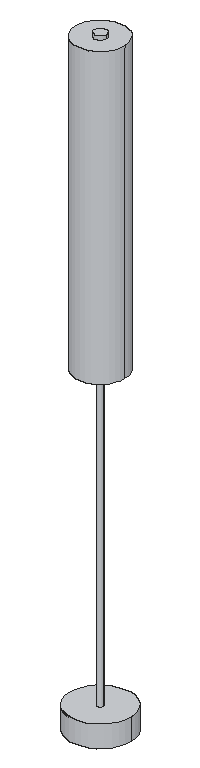
Revit family "Lighting-Interior-Pendant_Mount-Manning_Lighting-STILT-LP-572-04-P30", category Lighting Fixtures, host Face, Revit 2013
Parameters (values of type "LP-572-04-P30-35")
  Watts per lamp = 7.5 W
  Wattage Comments = ""
  Wattage = 30 W
  built-in parameter 1150110 = 1 (stored number, unit not read)
  Voltage = 120 V
  Unit watts = 30 W
  URL = "http://www.manningltg.com/"
  built-in parameter 1114217 = 1 (stored number, unit not read)
  built-in parameter 1150109 = 1 (stored number, unit not read)
  built-in parameter 1150134 = 3
  built-in parameter 1150113 = 1 (stored number, unit not read)
  Separate Switching = yes
  Secondary Lamp quantity = 0
  Secondary Lamp Type = ""
  Recessed Depth = 0' - 0"
  Product Line = ""
  Product Family = ""
  Primary Lamp Type = "LED ARRAYS"
  Primary Lamp Quantity = 4
  Photometric Web File = "Generic"
  Overall Width = 0' - 4"
  Overall Height = 2' - 0"
  Overall Depth = 0' - 0"
  Number of lamps = 4
  Mounting Centers = 0' - 0"
  Materials and Finishes = Acrylic
  Manufacturer = "Manning Lighting"
  built-in parameter 1150105 = 281.7 (stored number, unit not read)
  Lumens = 3540 lm
  built-in parameter 1150115 = 1 (stored number, unit not read)
  Lumens per lamp = 892
  Light Source Symbol Size = 3' - 0"
  built-in parameter 1150137 = (empty or 0)
  built-in parameter 1150139 = (empty or 0)
  built-in parameter 1150112 = 1 (stored number, unit not read)
  built-in parameter 1150114 = 1 (stored number, unit not read)
  Lamp ANSI Type = ""
  built-in parameter 1150132 = (empty or 0)
  built-in parameter 1150102 = (empty or 0)
  built-in parameter 1150107 = 3200 (stored number, unit not read)
  built-in parameter 1150138 = (empty or 0)
  built-in parameter 1150106 = 2.817 (stored number, unit not read)
  Frequency = 60 Hz
  Finish notes = none
  Estimated Fixture Lumens = 2568
  Emit from Line Length = 2' - 0"
  built-in parameter 1150104 = 10.963 (stored number, unit not read)
  Dimming Lamp Color Temperature Shift = <None>
  Default Elevation = 4' - 0"
  Color Filter = 16777215
  built-in parameter 1114216 [instance] = (empty or 0)
  Ballast Type = ""
  built-in parameter 1114218 = 1 (stored number, unit not read)
  Ballast Factor = 0
  built-in parameter 1150133 = 10 (stored number, unit not read)
  Amperage Estimate = 0.25 A
  ADA Compliant = no
Reference planes (in)
  plane 1 "Center (Front/Back)": y = 0
  plane 2: z = 0
  plane 3 "Center (Left/Right)": x = 0
Forms (in)
  Extrusion 1, solid
    sketch origin (0, 0, 2) x (1, 0, 0) y (0, 1, 0)
      loop
        circle (0, 0) r 0.25
    from -0.25 to 24
  Extrusion 2, solid
    sketch origin (0, 0, 0) x (1, 0, 0) y (0, 1, 0)
      loop
        circle (0, 0) r 2.5
    from 0 to 1.75
  Extrusion 3, solid
    sketch origin (0, 0, 26) x (1, 0, 0) y (0, 1, 0)
      loop
        circle (0, 0) r 2
    from 0 to 24
  Extrusion 4, solid
    sketch origin (0, 0, 50) x (1, 0, 0) y (0, 1, 0)
      loop
        circle (0, 0) r 0.5
    from 0 to 0.25
Dimensions and locks (in)
  aligned and locked: plane 2 to host face
  aligned and locked: level to host face
